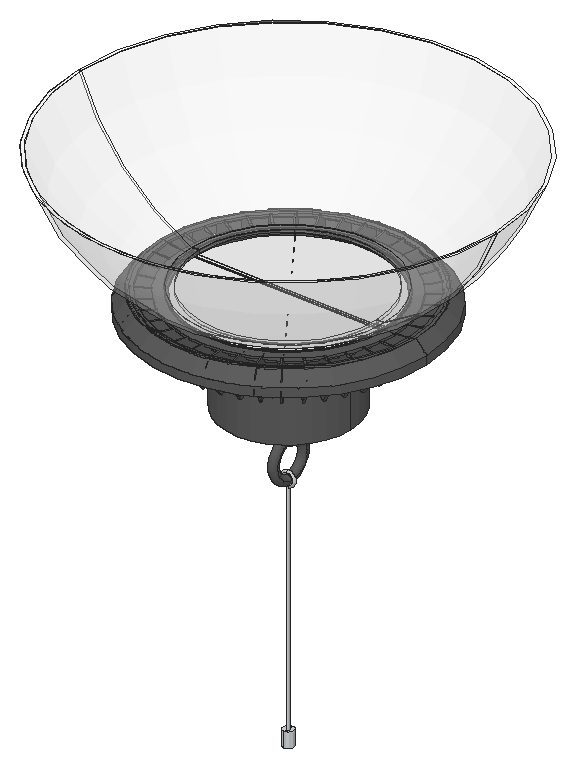
Revit family "0039350+0039358 Feilo Sylvania Lighting Fixture START HIGHBAY 6K 13KLM WIDE with PC LAMPSHADE TRANSPARENT 13_19KLM", category Lighting Fixtures, host Face, Revit 2017
Family settings
  Host = Face
  Round Connector Dimension = Use Diameter
  Part Type = Normal
  OmniClass Number = 23.80.70.00
  OmniClass Title = Lighting
  Cut with Voids When Loaded = No
  Light Source = Yes
  Shared = No
  Room Calculation Point = No
Parameters (values of type "0039350+0039358 START HIGHBAY 6K 13KLM WIDE PC LAMPSHADE TRANSPARENT 13/19KLM")
  WidthStraight_FEILO = if(SizeS_FEILO, 3 mm, if(SizeM_FEILO, 4 mm, 4.7 mm))  # 3 mm
  WidthRingChamfer_FEILO = if(SizeS_FEILO, 10.3 mm, if(SizeM_FEILO, 11.2 mm, 12.9 mm))  # 10.3 mm
  WidthCurved_FEILO = if(SizeS_FEILO, 17.4 mm, if(SizeM_FEILO, 16.4 mm, 26.2 mm))  # 17.4 mm
  WidthCurvedRing_FEILO = if(SizeS_FEILO, 3 mm, if(SizeM_FEILO, 4 mm, 4.7 mm))  # 3 mm
  WidthBracket_FEILO = 40 mm
  Weight = "3.0 kg"
  Wattage Comments = ""
  Wattage = 100 W
  WarrantyStartDate [instance] = "n/a"
  WarrantyGuarantorParts = "n/a"
  WarrantyDurationUnit = "n/a"
  WarrantyDurationParts = "n/a"
  WarrantyDescription = "n/a"
  built-in parameter 1150110 = 1 (stored number, unit not read)
  Voltage = 230 V
  VisibilityBracket_FEILO = no
  URL = "http://www.sylvania-lighting.com"
  TypeName = "START HIGHBAY 6K 13KLM WIDE PC LAMPSHADE TRANSPARENT 13/19KLM"
  Type Image = <None>
  Type Comments = "n/a"
  built-in parameter 1114217 = 1 (stored number, unit not read)
  Tilt Angle = -90.00°
  ThicknessWall_FEILO = 1.5 mm
  ThicknessBracket_FEILO = 1.5 mm
  ThicknessBracketHalf_FEILO = ThicknessBracket_FEILO / 2  # 0.75 mm
  built-in parameter 1150109 = 1 (stored number, unit not read)
  built-in parameter 1150134 = 1
  SuspensionHeight_FEILO [instance] = 400 mm
  built-in parameter 1150113 = 1 (stored number, unit not read)
  SizeS_FEILO = yes
  SizeM_FEILO = no
  ShadeThickness_FEILO = 3 mm
  ShadeSizeSM_FEILO = or(SizeS_FEILO, SizeM_FEILO)  # yes
  ShadeRadiusOut_FEILO = 205 mm
  ShadeRadiusIn_FEILO = if(ShadeSizeSM_FEILO, 95 mm, 121 mm)  # 95 mm
  ShadeRadiusBend_FEILO = if(ShadeSizeSM_FEILO, 210 mm, 210 mm)  # 210 mm
  ShadeHeight_FEILO = if(ShadeSizeSM_FEILO, 120 mm, 151 mm)  # 120 mm
  SerialNumber [instance] = "n/a"
  Rib4_FEILO = if(SizeS_FEILO, 18.1 mm, if(SizeM_FEILO, 13.6 mm, 14.6 mm))  # 18.1 mm
  Rib3_FEILO = if(SizeS_FEILO, 15.3 mm, if(SizeM_FEILO, 17.6 mm, 20.2 mm))  # 15.3 mm
  Rib2_FEILO = if(SizeS_FEILO, 3.6 mm, if(SizeM_FEILO, 3.9 mm, 4.5 mm))  # 3.6 mm
  Rib1_FEILO = if(SizeS_FEILO, 15.1 mm, if(SizeM_FEILO, 16.5 mm, 19 mm))  # 15.1 mm
  RadiusDiffuser_FEILO = if(SizeS_FEILO, 95.2 mm, if(SizeM_FEILO, 105.3 mm, 120 mm))  # 95.2 mm
  RadiusArrayPost_FEILO = DriverRadius_FEILO - 6 mm  # 55.4 mm
  RHRadius3_FEILO = if(SizeS_FEILO, 6.6 mm, if(SizeM_FEILO, 7.4 mm, 8.6 mm))  # 6.6 mm
  RHRadius2_FEILO = if(SizeS_FEILO, 11 mm, if(SizeM_FEILO, 12 mm, 14 mm))  # 11 mm
  RHRadius1_FEILO = if(SizeS_FEILO, 13.6 mm, if(SizeM_FEILO, 14.9 mm, 17.7 mm))  # 13.6 mm
  RHHeight4_FEILO = if(SizeS_FEILO, 7.3 mm, if(SizeM_FEILO, 8 mm, 9.2 mm))  # 7.3 mm
  RHHeight3_FEILO = if(SizeS_FEILO, 3.6 mm, if(SizeM_FEILO, 3.7 mm, 4.6 mm))  # 3.6 mm
  RHHeight2_FEILO = if(SizeS_FEILO, 2 mm, if(SizeM_FEILO, 2.2 mm, 2.6 mm))  # 2 mm
  RHHeight1_FEILO = if(SizeS_FEILO, 11.8 mm, if(SizeM_FEILO, 15.3 mm, 17.4 mm))  # 11.8 mm
  Photometric Web File = "0039350+0039358.ies"
  Material_5_FEILO = Shade-Sylvania-StartHighbay-PC
  Material_3_FEILO = LED-Sylvania-StartHighbay-Glow
  PowerFactor = 0.95
  PowerConsumption = "100 W"
  NominalLength = 270 mm
  NominalHeight = 170 mm
  NominalDepth = 270 mm
  Name = "START HIGHBAY 6K 13KLM WIDE PC LAMPSHADE TRANSPARENT 13/19KLM"
  ModelReference = Name  # "START HIGHBAY 6K 13KLM WIDE PC LAMPSHADE TRANSPARENT 13/19KLM"
  ModelNumber = "0039350+0039358"
  Model = Name  # "START HIGHBAY 6K 13KLM WIDE PC LAMPSHADE TRANSPARENT 13/19KLM"
  Material = "aluminium alloy housing, polycarbonate diffuser"
  ManufacturerName = "Feilo Sylvania"
  Manufacturer = "Feilo Sylvania"
  LuminousEfficacy = "130 lm/W"
  built-in parameter 1150105 = 7236.1 (stored number, unit not read)
  Lumens = 13000 lm
  LuminaireType = ""
  built-in parameter 1150115 = 1 (stored number, unit not read)
  LightOutputRatio = "n/a"
  built-in parameter 1150137 = (empty or 0)
  built-in parameter 1150139 = (empty or 0)
  LampsType = Lamp  # "LED"
  LampNominalLuminous = "13000 lm"
  LampMacAdamStep = "n/a"
  LampColourTemperature = "6500 K"
  LampColourRenderingIndex = "80"
  built-in parameter 1150112 = 1 (stored number, unit not read)
  built-in parameter 1150114 = 1 (stored number, unit not read)
  Lamp = "LED"
  Keynote = "16500"
  InstallationDate [instance] = "n/a"
  InputVoltage = "220-240V~"
  InputNominalFrequency = "50/60 Hz"
  built-in parameter 1150132 = (empty or 0)
  built-in parameter 1150102 = (empty or 0)
  built-in parameter 1150107 = 6500 (stored number, unit not read)
  built-in parameter 1150138 = (empty or 0)
  IngressProtection = "IP65"
  ImpactProtectionIndex = "IK08"
  built-in parameter 1150106 = 72.361 (stored number, unit not read)
  IfcExportType = "IfcLightFixtureType"
  IfcExportAs = "IfcLightFixtureType"
  HeightRing_FEILO = if(SizeS_FEILO, 19.8 mm, if(SizeM_FEILO, 32 mm, 36.8 mm))  # 19.8 mm
  HeightRingChamfer_FEILO = if(SizeS_FEILO, 11.7 mm, if(SizeM_FEILO, 23.2 mm, 26.6 mm))  # 11.7 mm
  EyeThickness_FEILO = if(SizeS_FEILO, 8.4 mm, if(SizeM_FEILO, 9.2 mm, 10.5 mm))  # 8.4 mm
  EyeThicknessHalf_FEILO = EyeThickness_FEILO / 2  # 4.2 mm
  EyeInner_FEILO = if(SizeS_FEILO, 13.8 mm, if(SizeM_FEILO, 15.1 mm, 17.3 mm))  # 13.8 mm
  ExpectedLife = 50000
  Emit from Circle Diameter = RadiusDiffuser_FEILO * 2  # 190.4 mm
  Emit Shape Visible in Rendering = no
  ElectricShockClassification = "Class I"
  built-in parameter 1150104 = 12.077 (stored number, unit not read)
  DurationUnit = "hours"
  DriverVerticalStraight_FEILO = if(SizeS_FEILO, 46.5 mm, if(SizeM_FEILO, 49.7 mm, 57 mm))  # 46.5 mm
  DriverVerticalChamfer_FEILO = if(SizeS_FEILO, 7.5 mm, if(SizeM_FEILO, 8.2 mm, 9.5 mm))  # 7.5 mm
  DriverRadius_FEILO = if(SizeS_FEILO, 61.4 mm, if(SizeM_FEILO, 67.2 mm, 76.4 mm))  # 61.4 mm
  DriverRadiusTop_FEILO = if(SizeS_FEILO, 42 mm, if(SizeM_FEILO, 45.3 mm, 52.4 mm))  # 42 mm
  DriverBottom_FEILO = if(SizeS_FEILO, 56 mm, if(SizeM_FEILO, 64.5 mm, 74 mm))  # 56 mm
  DocumentationLiterature = "http://www.sylvania-lighting.com/product/en-int/products/0039350"
  DimmingControlOptions = "n/a"
  Material_2_FEILO = Diffuser-Sylvania-StartHighbay-Transparent
  Radius_FEILO = if(SizeS_FEILO, 135 mm, if(SizeM_FEILO, 148 mm, 169.5 mm))  # 135 mm
  Dimming Lamp Color Temperature Shift = <None>
  DiameterWire_FEILO = 3 mm
  DiameterWireSupport_FEILO = 10 mm
  Description = "START HIGHBAY, includes 1 m cables, black aluminium housing, 13000LM, 100W, 130lm/W, 6500K, Driver current: 2140mA, CR80, 60° beam angle, 1-10V dimmable,  IP65, IK08, 50,000 hrs (L70B50), (LxWxH) 270x270x170mm"
  Default Elevation = 1219.2 mm
  CreatedOn = "2/28/2018"
  CreatedBy = ""
  Cost = 0
  Color Filter = 16777215
  built-in parameter 1114216 [instance] = (empty or 0)
  ClassificationValue = "EF_70_80"
  ClassificationName = "Uniclass2015"
  Material_1_FEILO = Body-Sylvania-StartHighbay-Black
  BarCode [instance] = "n/a"
  built-in parameter 1114218 = 1 (stored number, unit not read)
  built-in parameter 1150133 = 10 (stored number, unit not read)
  AssetType = "Fixed"
  AssetIdentifier [instance] = "n/a"
  Assembly Code = "D5020200"
  Apparent Load = 100 VA
  Material_4_FEILO = Shade-Sylvania-StartHighbay-PC
Reference planes
  plane 1 "Center (Front/Back)": y = 0
  plane 2: z = 0
  plane 3 "Center (Left/Right)": x = 0
  plane 4: z = 400
  plane 5: x = -135
  plane 6: x = -124.7
  plane 7: z = 388.3
  plane 8: z = 380.2
  plane 9: x = -121.7
  plane 10: z = 397.375
  plane 11: x = -104.3
  plane 12: x = -95.2
  plane 13: x = -118.7
  plane 14: z = 398.375
  plane 15: z = 396.375
  plane 16: x = -92.2
  plane 17: z = 395.375
  plane 18: x = -133.5
  plane 19: x = -119.9
  plane 20: z = 376.6
  plane 21: x = -104.6
  plane 22: z = 358.5
  plane 23: x = -20
  plane 24: z = 344
  plane 25: x = -61.4
  plane 26: z = 297.5
  plane 27: x = -42
  plane 28: z = 290
  plane 29: x = -13.6
  plane 30: z = 278.2
  plane 31: z = 276.2
  plane 32: x = -11
  plane 33: z = 272.6
  plane 34: z = 265.3
  plane 35: x = -6.6
  plane 36: z = 251.5
  plane 37: z = 237.7
  plane 38: x = 4.2
  plane 39: x = -4.2
  plane 40: z = 229.3
  plane 41: z = 233.5
  plane 42: x = -129.1
  plane 43: x = -132.5
  plane 44: z = 378.7
  plane 45: x = -123.2
  plane 46: z = 320.75
  plane 47: y = -20
  plane 48: y = 20
  plane 49: x = 135
  plane 50: x = 124.7
  plane 51: x = 133.5
  plane 52: x = 129.1
  plane 53: x = 132.5
  plane 54: x = 123.2
  plane 55: z = 240.7
  plane 56: y = 1.5
  plane 57: y = -1.5
  plane 58: z = 239.2
  plane 59: z = 227.8
  plane 60: z = 226.3
  plane 61: y = -5
  plane 62: y = 5
  plane 63: z = 14
  plane 64: x = -205
  plane 65: z = 520
  plane 66: x = -95
  plane 67: x = -87
  plane 68: x = -202
  plane 69: z = 403
Forms (mm)
  Revolve 1, solid, material "Body-Sylvania-StartHighbay-Black" <- "Material_1_FEILO", detail levels medium+fine
    sketch origin (0, 0, 0) x (1, 0, 0) y (0, 0, 1)
      loop
        line (-135, 380.2) -> (-133.5, 380.2) -> (-133.5, 387.734) -> (-125.012, 397.375) -> (-118.7, 397.375) -> (-118.7, 399.16)
        arc (-118.7, 399.16) -> (-120.206, 399.56) -> (-121.7, 400) r 58.981
        line (-121.7, 400) -> (-124.241, 400)
        arc (-124.241, 400) -> (-124.657, 399.911) -> (-124.999, 399.66) r 1.015
        line (-124.999, 399.66) -> (-135, 388.3) -> (-135, 380.2)
      axis (0, 400) -> (0, 380.2)
    angle from 360 to 0
  Revolve 2, solid, material "Body-Sylvania-StartHighbay-Black" <- "Material_1_FEILO", detail levels medium+fine
    sketch origin (0, 0, 0) x (1, 0, 0) y (0, 0, 1)
      loop
        line (-104.3, 395.375) -> (-95.2, 395.375) -> (-95.2, 388.3) -> (0, 388.3) -> (0, 395.375) -> (-92.2, 395.375) -> (-92.2, 396.375) -> (-95.2, 396.375) -> (-95.2, 397.375) -> (-104.3, 397.375) -> (-104.3, 395.375)
      axis (0, 397.375) -> (0, 388.3)
    angle from 360 to 0
  Revolve 3, solid, material "Diffuser-Sylvania-StartHighbay-Transparent" <- "Material_2_FEILO", detail levels medium+fine
    sketch origin (0, 0, 0) x (1, 0, 0) y (0, 0, 1)
      loop
        line (-95.2, 396.375) -> (0, 396.375) -> (0, 398.375) -> (-95.2, 398.375) -> (-95.2, 396.375)
      axis (0, 398.375) -> (0, 396.375)
    angle from 360 to 0
  Revolve 4, solid, material "Body-Sylvania-StartHighbay-Black" <- "Material_1_FEILO"
    sketch origin (0, 0, 0) x (1, 0, 0) y (0, 0, 1)
      loop
        line (-61.4, 358.5) -> (-61.4, 297.5) -> (-42, 290) -> (-13.6, 290) -> (-13.6, 278.2) -> (-11, 276.2) -> (-11, 272.6) -> (-7.037, 266.026)
        arc (-7.037, 266.026) -> (-6.49, 265.494) -> (-5.753, 265.3) r 1.5
        line (-5.753, 265.3) -> (0, 265.3) -> (0, 358.5) -> (-61.4, 358.5)
      axis (0, 358.5) -> (0, 265.3)
    angle from 360 to 0
  Revolve 5, solid, material "Body-Sylvania-StartHighbay-Black" <- "Material_1_FEILO"
    sketch origin (0, 0, 0) x (1, 0, 0) y (0, 0, 1)
      loop
        circle (0, 233.5) r 4.2
      axis (4.2, 251.5) -> (-4.2, 251.5)
    angle from 360 to 0
  Extrusion 6, solid, material "Body-Sylvania-StartHighbay-Black" <- "Material_1_FEILO", visible <- "VisibilityBracket_FEILO"
    sketch origin (0, 0, 0) x (1, 0, 0) y (0, 0, 1)
      loop
        line (-132.5, 380.2) -> (-132.5, 378.7) -> (-125.45, 378.7)
        arc (-125.45, 378.7) -> (-124.92, 378.48) -> (-124.7, 377.95) r 0.75
        line (-124.7, 377.95) -> (-124.7, 320.75) -> (-123.2, 320.75) -> (-123.2, 378.7)
        arc (-123.2, 378.7) -> (-123.639, 379.761) -> (-124.7, 380.2) r 1.5
        line (-124.7, 380.2) -> (-132.5, 380.2)
      loop
        line (132.5, 380.2) -> (124.7, 380.2)
        arc (124.7, 380.2) -> (123.639, 379.761) -> (123.2, 378.7) r 1.5
        line (123.2, 378.7) -> (123.2, 320.75) -> (124.7, 320.75) -> (124.7, 377.95)
        arc (124.7, 377.95) -> (124.92, 378.48) -> (125.45, 378.7) r 0.75
        line (125.45, 378.7) -> (132.5, 378.7) -> (132.5, 380.2)
    from -20 to 20
  Extrusion 7, void
    sketch origin (0, 0, 0) x (0, 1, 0) y (0, 0, 1)
      loop
        arc (-10, 320.75) -> (-17.071, 323.679) -> (-20, 330.75) r 10
        line (-20, 330.75) -> (-25, 330.75) -> (-25, 315.75) -> (-10, 315.75) -> (-10, 320.75)
      loop
        line (10, 320.75) -> (10, 315.75) -> (25, 315.75) -> (25, 330.75) -> (20, 330.75)
        arc (20, 330.75) -> (17.071, 323.679) -> (10, 320.75) r 10
    from -124.7 to 124.7
  Revolve 8, solid, material "Body-Sylvania-StartHighbay-Black" <- "Material_1_FEILO", detail levels coarse
    sketch origin (0, 0, 0) x (1, 0, 0) y (0, 0, 1)
      loop
        line (0, 400) -> (-124.7, 400) -> (-135, 388.3) -> (-135, 380.2) -> (-119.9, 380.2) -> (-119.9, 376.6) -> (-104.6, 358.5) -> (0, 358.5) -> (0, 400)
      axis (0, 400) -> (0, 358.5)
    angle from 360 to 0
  Revolve 9, solid
    sketch origin (0, 0, 0) x (0, 1, 0) y (0, 0, 1)
      loop
        circle (0, 239.2) r 1.5
      axis (1.5, 233.5) -> (-1.5, 233.5)
    angle from 360 to 0
  Revolve 10, solid
    sketch origin (0, 0, 0) x (0, 1, 0) y (0, 0, 1)
      loop
        line (0, 0) -> (0, 227.8) -> (-1.5, 227.8) -> (-1.5, 14) -> (-5, 14) -> (-5, 0) -> (0, 0)
      axis (0, 0) -> (0, 227.8)
    angle from 360 to 0
  Revolve 11, solid, material "Shade-Sylvania-StartHighbay-PC" <- "Material_4_FEILO"
    sketch origin (0, 0, 0) x (1, 0, 0) y (0, 0, 1)
      loop
        line (-95, 400) -> (-87, 400) -> (-87, 403) -> (-94.341, 403)
        arc (-94.341, 403) -> (-159.747, 450.78) -> (-201.81, 520) r 207
        line (-201.81, 520) -> (-205, 520)
        arc (-205, 520) -> (-162.101, 448.908) -> (-95, 400) r 210
      axis (0, 520) -> (0, 400)
    angle from 360 to 0
Cuts and joins
  Extrusion 7 cuts Extrusion 6
Lines and regions (mm)
  reference lines
    curve 1: line (-135, 0, 388.3) -> (-124.7, 0, 400)
    curve 2: line (-104.3, 0, 397.375) -> (0, 0, 397.375)
    curve 3: arc (-104.3, 0, 397.375) -> (-113.098, 0, 398.035) -> (-121.7, 0, 400) r 58.981
    curve 4: line (-124.7, 0, 400) -> (-121.7, 0, 400)
    curve 5: line (-125.012, 0, 397.375) -> (-133.5, 0, 387.734)
    curve 6: line (-119.9, 0, 376.6) -> (-104.6, 0, 358.5)
    curve 7: line (-11, 0, 272.6) -> (-6.6, 0, 265.3)
    curve 8: circle (0, 0, 233.5) r 4.2 normal (0, -1, 0)
    curve 9: arc (-95, 0, 400) -> (-162.101, 0, 448.908) -> (-205, 0, 520) r 210
Dimensions and locks
  "Radius_FEILO": plane 3 "Center (Left/Right)" to plane 5
  "WidthRingChamfer_FEILO": plane 6 to plane 5
  "WidthStraight_FEILO": plane 9 to plane 6
  "WidthCurvedRing_FEILO": plane 13 to plane 9
  locked: plane 10 to plane 15 at 1
  locked: plane 14 to plane 10 at 1
  locked: plane 4 to plane 10 at 2.625
  locked: plane 15 to plane 17 at 1
  "ThicknessWall_FEILO": plane 18 to plane 5
  "ThicknessWall_FEILO": curve 5 to curve 1
  "HeightRingChamfer_FEILO": plane 4 to plane 7
  "HeightRing_FEILO": plane 4 to plane 8
  "RadiusDiffuser_FEILO": plane 3 "Center (Left/Right)" to plane 12
  locked: plane 16 to plane 12 at 3
  "WidthCurved_FEILO": plane 11 to plane 9
  "SuspensionHeight_FEILO": plane 4 to plane 2
  "Rib1_FEILO": plane 19 to plane 5
  "Rib2_FEILO": plane 8 to plane 20
  "Rib3_FEILO": plane 21 to plane 19
  "Rib4_FEILO": plane 20 to plane 22
  locked: plane 3 "Center (Left/Right)" to plane 23 at 20
  "DriverBottom_FEILO": plane 4 to plane 24
  "DriverRadius_FEILO": plane 3 "Center (Left/Right)" to plane 25
  "DriverVerticalStraight_FEILO": plane 24 to plane 26
  "DriverRadiusTop_FEILO": plane 3 "Center (Left/Right)" to plane 27
  "DriverVerticalChamfer_FEILO": plane 26 to plane 28
  "RHRadius1_FEILO": plane 3 "Center (Left/Right)" to plane 29
  "RHHeight2_FEILO": plane 30 to plane 31
  "RHRadius2_FEILO": plane 3 "Center (Left/Right)" to plane 32
  "RHHeight3_FEILO": plane 31 to plane 33
  "RHHeight4_FEILO": plane 33 to plane 34
  "RHRadius3_FEILO": plane 3 "Center (Left/Right)" to plane 35
  "RHHeight1_FEILO": plane 28 to plane 30
  "EyeInner_FEILO": plane 34 to plane 36
  "EyeInner_FEILO": plane 36 to plane 37
  equal spacing: plane 38, plane 3 "Center (Left/Right)", plane 39
  "EyeThickness_FEILO": plane 38 to plane 39
  "EyeThickness_FEILO": plane 37 to plane 40
  equal spacing: plane 37, plane 41, plane 40
  equal spacing: plane 6, plane 42, plane 18
  "ThicknessBracket_FEILO": plane 45 to plane 6
  "ThicknessBracket_FEILO": plane 8 to plane 44
  locked: plane 43 to plane 18 at 1
  equal spacing: plane 24, plane 46, plane 26
  equal spacing: plane 47, plane 1 "Center (Front/Back)", plane 48
  "WidthBracket_FEILO": plane 47 to plane 48
  "WidthRingChamfer_FEILO": plane 50 to plane 49
  "ThicknessWall_FEILO": plane 51 to plane 49
  equal spacing: plane 50, plane 52, plane 51
  "ThicknessBracket_FEILO": plane 54 to plane 50
  locked: plane 53 to plane 51 at 1
  "Radius_FEILO": plane 49 to plane 3 "Center (Left/Right)"
  equal spacing: plane 57, imposter light, plane 56
  "DiameterWire_FEILO": plane 57 to plane 56
  "DiameterWire_FEILO": plane 37 to plane 55
  equal spacing: plane 37, plane 58, plane 55
  "DiameterWire_FEILO": plane 60 to plane 40
  equal spacing: plane 60, plane 59, plane 40
  equal spacing: plane 61, plane 1 "Center (Front/Back)", plane 62
  "DiameterWireSupport_FEILO": plane 61 to plane 62
  locked: plane 63 to plane 2 at 14
  "ShadeRadiusOut_FEILO": plane 3 "Center (Left/Right)" to plane 64
  "ShadeHeight_FEILO": plane 65 to plane 4
  "ShadeRadiusIn_FEILO": plane 3 "Center (Left/Right)" to plane 66
  locked: plane 67 to plane 66 at 8
  "ShadeThickness_FEILO": plane 69 to plane 4
  "ShadeThickness_FEILO": plane 68 to plane 64
  "EyeThicknessHalf_FEILO": radius of curve 8
  "ThicknessBracket_FEILO": radius of Extrusion 6 sketch curve  (x2)
  "ThicknessBracketHalf_FEILO": radius of Extrusion 6 sketch curve  (x2)
  "DiameterWire_FEILO": diameter of Revolve 9 sketch curve
  "ShadeRadiusBend_FEILO": radius of curve 9
  aligned and locked: plane 2 to host face
  aligned and locked: level to host face
  aligned and locked: plane 5 to curve 1
  aligned and locked: plane 6 to curve 1
  aligned and locked: plane 7 to curve 1
  aligned and locked: plane 10 to curve 2
  aligned and locked: plane 9 to curve 3
  aligned and locked: plane 4 to curve 3
  aligned and locked: plane 11 to curve 3
  aligned and locked: plane 4 to curve 4
  aligned and locked: plane 18 to curve 5
  aligned and locked: plane 10 to curve 5
  aligned and locked: Revolve 1 sketch curve to plane 3 "Center (Left/Right)"
  aligned and locked: Revolve 1 sketch curve to curve 3
  aligned and locked: Revolve 1 sketch curve to curve 1
  aligned and locked: plane 4 to Revolve 1 sketch curve
  aligned and locked: plane 9 to Revolve 1 sketch curve
  aligned and locked: Revolve 1 sketch curve to plane 13
  aligned and locked: Revolve 1 sketch curve to plane 10
  aligned and locked: plane 13 to Revolve 1 sketch curve
  aligned and locked: plane 10 to Revolve 1 sketch curve
  aligned and locked: Revolve 1 sketch curve to plane 18
  aligned and locked: Revolve 1 sketch curve to plane 8
  aligned and locked: plane 5 to Revolve 1 sketch curve  (x2)
  aligned and locked: Revolve 2 sketch curve to plane 3 "Center (Left/Right)"
  aligned and locked: plane 11 to Revolve 2 sketch curve
  aligned and locked: Revolve 2 sketch curve to curve 2
  aligned and locked: plane 15 to Revolve 2 sketch curve
  aligned and locked: Revolve 2 sketch curve to plane 16
  aligned and locked: plane 17 to Revolve 2 sketch curve  (x2)
  aligned and locked: Revolve 2 sketch curve to plane 12
  aligned and locked: plane 7 to Revolve 2 sketch curve
  aligned and locked: Revolve 3 sketch curve to plane 3 "Center (Left/Right)"
  aligned and locked: Revolve 3 sketch curve to plane 14
  aligned and locked: plane 3 "Center (Left/Right)" to Revolve 3 sketch curve
  aligned and locked: Revolve 3 sketch curve to plane 12
  aligned and locked: plane 15 to Revolve 3 sketch curve
  aligned and locked: Revolve 1 sketch curve to curve 5
  aligned and locked: plane 22 to curve 6
  aligned and locked: plane 21 to curve 6
  aligned and locked: plane 20 to curve 6
  aligned and locked: plane 19 to curve 6
  aligned and locked: plane 33 to curve 7
  aligned and locked: plane 32 to curve 7
  aligned and locked: plane 35 to curve 7
  aligned and locked: plane 34 to curve 7
  aligned and locked: Revolve 4 sketch curve to plane 3 "Center (Left/Right)"
  aligned and locked: Revolve 4 sketch curve to plane 25
  aligned and locked: plane 27 to Revolve 4 sketch curve
  aligned and locked: plane 28 to Revolve 4 sketch curve
  aligned and locked: plane 30 to Revolve 4 sketch curve
  aligned and locked: Revolve 4 sketch curve to plane 29
  aligned and locked: plane 31 to Revolve 4 sketch curve
  aligned and locked: Revolve 4 sketch curve to curve 7
  aligned and locked: Revolve 4 sketch curve to plane 32
  aligned and locked: plane 34 to Revolve 4 sketch curve
  aligned and locked: plane 3 "Center (Left/Right)" to Revolve 4 sketch curve
  aligned and locked: plane 3 "Center (Left/Right)" to curve 8
  aligned and locked: plane 41 to curve 8
  aligned and locked: Revolve 5 sketch curve to plane 36
  aligned and locked: Revolve 5 sketch curve to curve 8
  aligned and locked: plane 43 to Extrusion 6 sketch curve  (x2)
  aligned and locked: plane 8 to Extrusion 6 sketch curve  (x3)
  aligned and locked: Extrusion 6 sketch curve to plane 45
  aligned and locked: Extrusion 6 sketch curve to plane 46  (x2)
  aligned and locked: plane 6 to Extrusion 6 sketch curve
  aligned and locked: Extrusion 6 sketch curve to plane 44  (x2)
  aligned and locked: Extrusion 6 to plane 48
  aligned and locked: plane 47 to Extrusion 6
  aligned and locked: plane 53 to Extrusion 6 sketch curve
  aligned and locked: plane 50 to Extrusion 6 sketch curve
  aligned and locked: Extrusion 6 sketch curve to plane 54
  aligned and locked: Extrusion 7 sketch curve to Extrusion 7 sketch curve
  aligned and locked: Extrusion 7 to plane 6
  aligned and locked: Extrusion 7 to Extrusion 6
  aligned and locked: Revolve 4 sketch curve to plane 22
  aligned and locked: plane 23 to nested 1
  aligned and locked: plane 1 "Center (Front/Back)" to nested 1
  aligned and locked: Revolve 8 sketch curve to plane 3 "Center (Left/Right)"
  aligned and locked: Revolve 8 sketch curve to plane 4
  aligned and locked: plane 6 to Revolve 8 sketch curve
  aligned and locked: plane 4 to Revolve 8 sketch curve
  aligned and locked: plane 7 to Revolve 8 sketch curve
  aligned and locked: Revolve 8 sketch curve to plane 5
  aligned and locked: plane 8 to Revolve 8 sketch curve  (x2)
  aligned and locked: Revolve 8 sketch curve to plane 19
  aligned and locked: plane 20 to Revolve 8 sketch curve
  aligned and locked: plane 19 to Revolve 8 sketch curve
  aligned and locked: plane 21 to Revolve 8 sketch curve
  aligned and locked: plane 22 to Revolve 8 sketch curve  (x2)
  aligned and locked: Revolve 8 sketch curve to Revolve 8 sketch curve
  aligned and locked: imposter light to plane 4
  aligned and locked: plane 3 "Center (Left/Right)" to imposter light
  aligned and locked: imposter light to plane 1 "Center (Front/Back)"
  aligned and locked: Revolve 9 sketch curve to plane 41
  aligned and locked: Revolve 10 sketch curve to plane 1 "Center (Front/Back)"
  aligned and locked: plane 1 "Center (Front/Back)" to Revolve 10 sketch curve  (x2)
  aligned and locked: host face to Revolve 10 sketch curve
  aligned and locked: plane 63 to Revolve 10 sketch curve
  aligned and locked: Revolve 10 sketch curve to plane 61
  aligned and locked: Revolve 10 sketch curve to plane 57
  aligned and locked: plane 59 to Revolve 10 sketch curve
  aligned and locked: plane 64 to curve 9
  aligned and locked: plane 65 to curve 9
  aligned and locked: plane 66 to curve 9
  aligned and locked: plane 4 to curve 9
  aligned and locked: Revolve 11 sketch curve to curve 9
  aligned and locked: plane 67 to Revolve 11 sketch curve
  aligned and locked: plane 66 to Revolve 11 sketch curve
  aligned and locked: plane 65 to Revolve 11 sketch curve  (x2)
  aligned and locked: Revolve 11 sketch curve to plane 67
  aligned and locked: plane 69 to Revolve 11 sketch curve
Automatic sketch dimensions
  host sketch curve to host sketch curve = 2438.4 mm  (x2)
  Revolve 1 sketch curve to plane 6 = 0.299 mm
  plane 6 to Revolve 1 sketch curve = 0.459 mm
  Revolve 1 sketch curve to level = 609.6 mm
  Revolve 1 sketch curve to Revolve 1 sketch curve = 2312.223 mm
  Revolve 2 sketch curve to plane 12 = 0 mm
  Revolve 2 sketch curve to plane 3 "Center (Left/Right)" = 0 mm
  Revolve 2 sketch curve to level = 609.6 mm
  Revolve 2 sketch curve to plane 4 = 2339.058 mm
  Revolve 3 sketch curve to level = 609.6 mm
  Revolve 3 sketch curve to plane 4 = 2339.058 mm
  Revolve 5 sketch curve to plane 5 = 1080 mm
  plane 38 to Revolve 5 sketch curve = 1219.2 mm
  Extrusion 7 sketch curve to plane 47 = 0 mm
  plane 46 to Extrusion 7 sketch curve = 0 mm  (x2)
  Extrusion 7 sketch curve to plane 48 = 0 mm
  plane 47 to Extrusion 7 sketch curve = 5 mm
  plane 1 "Center (Front/Back)" to Extrusion 7 sketch curve = 10 mm
  Extrusion 7 sketch curve to Extrusion 7 sketch curve = 10 mm
  plane 46 to Extrusion 7 sketch curve = 5 mm
  Extrusion 7 sketch curve to Extrusion 7 sketch curve = 5 mm
  Extrusion 7 sketch curve to plane 48 = 5 mm
  Revolve 4 sketch curve to plane 26 = 0 mm
  Revolve 4 sketch curve to plane 35 = 0.437 mm
  plane 35 to Revolve 4 sketch curve = 0.847 mm
  Revolve 4 sketch curve to plane 34 = 0.726 mm
  plane 40 to Revolve 4 sketch curve = 590.2 mm
  Revolve 4 sketch curve to plane 4 = 2339.058 mm
  Revolve 8 sketch curve to level = 609.6 mm
  Revolve 8 sketch curve to Revolve 8 sketch curve = 2386.058 mm
  Revolve 9 sketch curve to plane 1 "Center (Front/Back)" = 0 mm
  plane 58 to Revolve 9 sketch curve = 0 mm
  plane 47 to Revolve 9 sketch curve = 2534.941 mm
  Revolve 9 sketch curve to plane 48 = 2077.409 mm
  Revolve 10 sketch curve to Revolve 10 sketch curve = 609.6 mm
  Revolve 10 sketch curve to plane 4 = 2123.807 mm
  curve 2 to plane 3 "Center (Left/Right)" = 0 mm
  Revolve 11 sketch curve to Revolve 11 sketch curve = 0 mm  (x2)
  Revolve 11 sketch curve to plane 3 "Center (Left/Right)" = 0 mm
  plane 66 to Revolve 11 sketch curve = 0.659 mm
  Revolve 11 sketch curve to level = 609.6 mm
  Revolve 11 sketch curve to Revolve 11 sketch curve = 2068.248 mm
Nested families
  nested 1: "Start Highbay Rib" at (0, 0, 397.375), type "Type Name", detail levels medium+fine
    with SuspensionHeight_FEILO 2.6 mm
  nested 2: "Start Highbay Rib" at (0, 0, 397.375) x (0.9877, 0.1564, 0) z (0, 0, 1), type "Type Name", detail levels medium+fine
    with SuspensionHeight_FEILO 2.6 mm
  nested 3: "Start Highbay Rib" at (0, 0, 397.375) x (0.9511, 0.309, 0) z (0, 0, 1), type "Type Name", detail levels medium+fine
    with SuspensionHeight_FEILO 2.6 mm
  nested 4: "Start Highbay Rib" at (0, 0, 397.375) x (0.891, 0.454, 0) z (0, 0, 1), type "Type Name", detail levels medium+fine
    with SuspensionHeight_FEILO 2.6 mm
  nested 5: "Start Highbay Rib" at (0, 0, 397.375) x (0.809, 0.5878, 0) z (0, 0, 1), type "Type Name", detail levels medium+fine
    with SuspensionHeight_FEILO 2.6 mm
  nested 6: "Start Highbay Rib" at (0, 0, 397.375) x (0.7071, 0.7071, 0) z (0, 0, 1), type "Type Name", detail levels medium+fine
    with SuspensionHeight_FEILO 2.6 mm
  nested 7: "Start Highbay Rib" at (0, 0, 397.375) x (0.5878, 0.809, 0) z (0, 0, 1), type "Type Name", detail levels medium+fine
    with SuspensionHeight_FEILO 2.6 mm
  nested 8: "Start Highbay Rib" at (0, 0, 397.375) x (0.454, 0.891, 0) z (0, 0, 1), type "Type Name", detail levels medium+fine
    with SuspensionHeight_FEILO 2.6 mm
  nested 9: "Start Highbay Rib" at (0, 0, 397.375) x (0.309, 0.9511, 0) z (0, 0, 1), type "Type Name", detail levels medium+fine
    with SuspensionHeight_FEILO 2.6 mm
  nested 10: "Start Highbay Rib" at (0, 0, 397.375) x (0.1564, 0.9877, 0) z (0, 0, 1), type "Type Name", detail levels medium+fine
    with SuspensionHeight_FEILO 2.6 mm
  nested 11: "Start Highbay Rib" at (0, 0, 397.375) x (0, 1, 0) z (0, 0, 1), type "Type Name", detail levels medium+fine
    with SuspensionHeight_FEILO 2.6 mm
  nested 12: "Start Highbay Rib" at (0, 0, 397.375) x (-0.1564, 0.9877, 0) z (0, 0, 1), type "Type Name", detail levels medium+fine
    with SuspensionHeight_FEILO 2.6 mm
  nested 13: "Start Highbay Rib" at (0, 0, 397.375) x (-0.309, 0.9511, 0) z (0, 0, 1), type "Type Name", detail levels medium+fine
    with SuspensionHeight_FEILO 2.6 mm
  nested 14: "Start Highbay Rib" at (0, 0, 397.375) x (-0.454, 0.891, 0) z (0, 0, 1), type "Type Name", detail levels medium+fine
    with SuspensionHeight_FEILO 2.6 mm
  nested 15: "Start Highbay Rib" at (0, 0, 397.375) x (-0.5878, 0.809, 0) z (0, 0, 1), type "Type Name", detail levels medium+fine
    with SuspensionHeight_FEILO 2.6 mm
  nested 16: "Start Highbay Rib" at (0, 0, 397.375) x (-0.7071, 0.7071, 0) z (0, 0, 1), type "Type Name", detail levels medium+fine
    with SuspensionHeight_FEILO 2.6 mm
  nested 17: "Start Highbay Rib" at (0, 0, 397.375) x (-0.809, 0.5878, 0) z (0, 0, 1), type "Type Name", detail levels medium+fine
    with SuspensionHeight_FEILO 2.6 mm
  nested 18: "Start Highbay Rib" at (0, 0, 397.375) x (-0.891, 0.454, 0) z (0, 0, 1), type "Type Name", detail levels medium+fine
    with SuspensionHeight_FEILO 2.6 mm
  nested 19: "Start Highbay Rib" at (0, 0, 397.375) x (-0.9511, 0.309, 0) z (0, 0, 1), type "Type Name", detail levels medium+fine
    with SuspensionHeight_FEILO 2.6 mm
  nested 20: "Start Highbay Rib" at (0, 0, 397.375) x (-0.9877, 0.1564, 0) z (0, 0, 1), type "Type Name", detail levels medium+fine
    with SuspensionHeight_FEILO 2.6 mm
  nested 21: "Start Highbay Rib" at (0, 0, 397.375) x (-1, 0, 0) z (0, 0, 1), type "Type Name", detail levels medium+fine
    with SuspensionHeight_FEILO 2.6 mm
  nested 22: "Start Highbay Rib" at (0, 0, 397.375) x (-0.9877, -0.1564, 0) z (0, 0, 1), type "Type Name", detail levels medium+fine
    with SuspensionHeight_FEILO 2.6 mm
  nested 23: "Start Highbay Rib" at (0, 0, 397.375) x (-0.9511, -0.309, 0) z (0, 0, 1), type "Type Name", detail levels medium+fine
    with SuspensionHeight_FEILO 2.6 mm
  nested 24: "Start Highbay Rib" at (0, 0, 397.375) x (-0.891, -0.454, 0) z (0, 0, 1), type "Type Name", detail levels medium+fine
    with SuspensionHeight_FEILO 2.6 mm
  nested 25: "Start Highbay Rib" at (0, 0, 397.375) x (-0.809, -0.5878, 0) z (0, 0, 1), type "Type Name", detail levels medium+fine
    with SuspensionHeight_FEILO 2.6 mm
  nested 26: "Start Highbay Rib" at (0, 0, 397.375) x (-0.7071, -0.7071, 0) z (0, 0, 1), type "Type Name", detail levels medium+fine
    with SuspensionHeight_FEILO 2.6 mm
  nested 27: "Start Highbay Rib" at (0, 0, 397.375) x (-0.5878, -0.809, 0) z (0, 0, 1), type "Type Name", detail levels medium+fine
    with SuspensionHeight_FEILO 2.6 mm
  nested 28: "Start Highbay Rib" at (0, 0, 397.375) x (-0.454, -0.891, 0) z (0, 0, 1), type "Type Name", detail levels medium+fine
    with SuspensionHeight_FEILO 2.6 mm
  nested 29: "Start Highbay Rib" at (0, 0, 397.375) x (-0.309, -0.9511, 0) z (0, 0, 1), type "Type Name", detail levels medium+fine
    with SuspensionHeight_FEILO 2.6 mm
  nested 30: "Start Highbay Rib" at (0, 0, 397.375) x (-0.1564, -0.9877, 0) z (0, 0, 1), type "Type Name", detail levels medium+fine
    with SuspensionHeight_FEILO 2.6 mm
  nested 31: "Start Highbay Rib" at (0, 0, 397.375) x (0, -1, 0) z (0, 0, 1), type "Type Name", detail levels medium+fine
    with SuspensionHeight_FEILO 2.6 mm
  nested 32: "Start Highbay Rib" at (0, 0, 397.375) x (0.1564, -0.9877, 0) z (0, 0, 1), type "Type Name", detail levels medium+fine
    with SuspensionHeight_FEILO 2.6 mm
  nested 33: "Start Highbay Rib" at (0, 0, 397.375) x (0.309, -0.9511, 0) z (0, 0, 1), type "Type Name", detail levels medium+fine
    with SuspensionHeight_FEILO 2.6 mm
  nested 34: "Start Highbay Rib" at (0, 0, 397.375) x (0.454, -0.891, 0) z (0, 0, 1), type "Type Name", detail levels medium+fine
    with SuspensionHeight_FEILO 2.6 mm
  nested 35: "Start Highbay Rib" at (0, 0, 397.375) x (0.5878, -0.809, 0) z (0, 0, 1), type "Type Name", detail levels medium+fine
    with SuspensionHeight_FEILO 2.6 mm
  nested 36: "Start Highbay Rib" at (0, 0, 397.375) x (0.7071, -0.7071, 0) z (0, 0, 1), type "Type Name", detail levels medium+fine
    with SuspensionHeight_FEILO 2.6 mm
  nested 37: "Start Highbay Rib" at (0, 0, 397.375) x (0.809, -0.5878, 0) z (0, 0, 1), type "Type Name", detail levels medium+fine
    with SuspensionHeight_FEILO 2.6 mm
  nested 38: "Start Highbay Rib" at (0, 0, 397.375) x (0.891, -0.454, 0) z (0, 0, 1), type "Type Name", detail levels medium+fine
    with SuspensionHeight_FEILO 2.6 mm
  nested 39: "Start Highbay Rib" at (0, 0, 397.375) x (0.9511, -0.309, 0) z (0, 0, 1), type "Type Name", detail levels medium+fine
    with SuspensionHeight_FEILO 2.6 mm
  nested 40: "Start Highbay Rib" at (0, 0, 397.375) x (0.9877, -0.1564, 0) z (0, 0, 1), type "Type Name", detail levels medium+fine
    with SuspensionHeight_FEILO 2.6 mm
Connectors
  electrical at (0, 0, 0), driven by "Apparent Load", driven by "PowerFactor", driven by "Voltage"
    settings: index 1, voltage 230 V, apparent load 100 VA, apparent load phase1 0 VA, apparent load phase2 0 VA, apparent load phase3 0 VA, power factor 0.95, load classification "Lighting", number of poles 1, system type 30, power factor state 1, is connector primary yes, connector utility no, sub classification motor no, connector description ""
Definition of nested family "Start Highbay Rib"
  Parameters (values of type "Type Name")
    WidthStraight_FEILO = if(SizeS_FEILO, 3 mm, if(SizeM_FEILO, 4 mm, 4.7 mm))  # 3 mm
    WidthRingChamfer_FEILO = if(SizeS_FEILO, 10.3 mm, if(SizeM_FEILO, 11.2 mm, 12.9 mm))  # 10.3 mm
    WidthCurved_FEILO = if(SizeS_FEILO, 17.4 mm, if(SizeM_FEILO, 16.4 mm, 26.2 mm))  # 17.4 mm
    WidthCurvedRing_FEILO = if(SizeS_FEILO, 3 mm, if(SizeM_FEILO, 4 mm, 4.7 mm))  # 3 mm
    WidthBracket_FEILO = 40 mm
    URL = "http://www.feilosylvania.com"
    Type Image = (empty or 0)
    Type Comments = "n/a"
    ThicknessWall_FEILO = 1.5 mm
    ThicknessBracket_FEILO = 1.5 mm
    ThicknessBracketHalf_FEILO = ThicknessBracket_FEILO / 2  # 0.75 mm
    SuspensionHeight_FEILO [instance] = 2.6 mm
    SizeS_FEILO = yes
    SizeM_FEILO = no
    Rib4_FEILO = if(SizeS_FEILO, 18.1 mm, if(SizeM_FEILO, 13.6 mm, 14.6 mm))  # 18.1 mm
    Rib3_FEILO = if(SizeS_FEILO, 15.3 mm, if(SizeM_FEILO, 17.6 mm, 20.2 mm))  # 15.3 mm
    Rib2_FEILO = if(SizeS_FEILO, 3.6 mm, if(SizeM_FEILO, 3.9 mm, 4.5 mm))  # 3.6 mm
    Rib1_FEILO = if(SizeS_FEILO, 15.1 mm, if(SizeM_FEILO, 16.5 mm, 19 mm))  # 15.1 mm
    RadiusRib_FEILO = 2 mm
    RadiusDiffuser_FEILO = if(SizeS_FEILO, 95.2 mm, if(SizeM_FEILO, 105.3 mm, 120 mm))  # 95.2 mm
    RHRadius3_FEILO = if(SizeS_FEILO, 6.6 mm, if(SizeM_FEILO, 7.4 mm, 8.6 mm))  # 6.6 mm
    RHRadius2_FEILO = if(SizeS_FEILO, 11 mm, if(SizeM_FEILO, 12 mm, 14 mm))  # 11 mm
    RHRadius1_FEILO = if(SizeS_FEILO, 13.6 mm, if(SizeM_FEILO, 14.9 mm, 17.7 mm))  # 13.6 mm
    RHHeight4_FEILO = if(SizeS_FEILO, 7.3 mm, if(SizeM_FEILO, 8 mm, 9.2 mm))  # 7.3 mm
    RHHeight3_FEILO = if(SizeS_FEILO, 3.6 mm, if(SizeM_FEILO, 3.7 mm, 4.6 mm))  # 3.6 mm
    RHHeight2_FEILO = if(SizeS_FEILO, 2 mm, if(SizeM_FEILO, 2.2 mm, 2.6 mm))  # 2 mm
    RHHeight1_FEILO = if(SizeS_FEILO, 11.8 mm, if(SizeM_FEILO, 15.3 mm, 17.4 mm))  # 11.8 mm
    Material_3_FEILO = none
    Model = ""
    Manufacturer = "Feilo Sylvania"
    Keynote = "16500"
    HeightRing_FEILO = if(SizeS_FEILO, 19.8 mm, if(SizeM_FEILO, 32 mm, 36.8 mm))  # 19.8 mm
    HeightRingChamfer_FEILO = if(SizeS_FEILO, 11.7 mm, if(SizeM_FEILO, 23.2 mm, 26.6 mm))  # 11.7 mm
    EyeThickness_FEILO = if(SizeS_FEILO, 8.4 mm, if(SizeM_FEILO, 9.2 mm, 10.5 mm))  # 8.4 mm
    EyeThicknessHalf_FEILO = EyeThickness_FEILO / 2  # 4.2 mm
    EyeInner_FEILO = if(SizeS_FEILO, 13.8 mm, if(SizeM_FEILO, 15.1 mm, 17.3 mm))  # 13.8 mm
    DriverVerticalStraight_FEILO = if(SizeS_FEILO, 46.5 mm, if(SizeM_FEILO, 49.7 mm, 57 mm))  # 46.5 mm
    DriverVerticalChamfer_FEILO = if(SizeS_FEILO, 7.5 mm, if(SizeM_FEILO, 8.2 mm, 9.5 mm))  # 7.5 mm
    DriverRadius_FEILO = if(SizeS_FEILO, 61.4 mm, if(SizeM_FEILO, 67.2 mm, 76.4 mm))  # 61.4 mm
    DriverRadiusTop_FEILO = if(SizeS_FEILO, 42 mm, if(SizeM_FEILO, 45.3 mm, 52.4 mm))  # 42 mm
    DriverBottom_FEILO = if(SizeS_FEILO, 56 mm, if(SizeM_FEILO, 64.5 mm, 74 mm))  # 56 mm
    Material_2_FEILO = none
    Radius_FEILO = if(SizeS_FEILO, 135 mm, if(SizeM_FEILO, 148 mm, 169.5 mm))  # 135 mm
    Description = ""
    Default Elevation = 1219.2 mm
    Cost = 0
    Material_1_FEILO = none
    Assembly Code = "D5020200"
    Material_4_FEILO = none
  Reference planes
    plane 1 "Center (Front/Back)": y = 0
    plane 2: z = 0
    plane 3 "Center (Left/Right)": x = 0
    plane 4: z = 2.6
    plane 5: x = -135
    plane 6: x = -124.7
    plane 7: z = -9.1
    plane 8: z = -17.2
    plane 9: x = -121.7
    plane 10: z = -0.025
    plane 11: x = -104.3
    plane 12: x = -95.2
    plane 13: x = -118.7
    plane 14: z = 0.975
    plane 15: z = -1.025
    plane 16: x = -92.2
    plane 17: z = -2.025
    plane 18: x = -133.5
    plane 19: x = -119.9
    plane 20: z = -20.8
    plane 21: x = -104.6
    plane 22: z = -38.9
    plane 23: x = -20
    plane 24: z = -53.4
    plane 25: x = -61.4
    plane 26: z = -99.9
    plane 27: x = -42
    plane 28: z = -107.4
    plane 29: x = -13.6
    plane 30: z = -119.2
    plane 31: z = -121.2
    plane 32: x = -11
    plane 33: z = -124.8
    plane 34: z = -132.1
    plane 35: x = -6.6
    plane 36: z = -145.9
    plane 37: z = -159.7
    plane 38: x = 4.2
    plane 39: x = -4.2
    plane 40: z = -168.1
    plane 41: z = -163.9
    plane 42: x = -129.1
    plane 43: x = -132.5
    plane 44: z = -18.7
    plane 45: x = -123.2
    plane 46: z = -76.65
    plane 47: y = -20
    plane 48: y = 20
    plane 49: x = 135
    plane 50: x = 124.7
    plane 51: x = 133.5
    plane 52: x = 129.1
    plane 53: x = 132.5
    plane 54: x = 123.2
    plane 55: y = 0.75
    plane 56: y = -0.75
  Forms (mm)
    Extrusion 1, solid
      sketch origin (4.2, 0, 0) x (1, 0, 0) y (0, 1, 0)
        loop
          line (-1219.2, 1219.2) -> (-1219.2, -1219.2) -> (1219.2, -1219.2) -> (1219.2, 1219.2) -> (-1219.2, 1219.2)
      from 0 to -68.017
    Extrusion 2, solid, material <- "Material_1_FEILO"
      sketch origin (0, 0, 0) x (1, 0, 0) y (0, 0, 1)
        loop
          arc (-104.3, -0.025) -> (-111.555, 0.423) -> (-118.7, 1.76) r 58.981
          line (-118.7, 1.76) -> (-118.7, -0.025) -> (-125.012, -0.025) -> (-133.5, -9.666) -> (-133.5, -17.2) -> (-119.9, -17.2) -> (-119.9, -20.068)
          arc (-119.9, -20.068) -> (-119.778, -20.755) -> (-119.427, -21.359) r 2
          line (-119.427, -21.359) -> (-104.966, -38.467)
          arc (-104.966, -38.467) -> (-104.381, -38.789) -> (-103.723, -38.9) r 2
          line (-103.723, -38.9) -> (-20, -38.9) -> (-20, -9.1) -> (-95.2, -9.1) -> (-95.2, -2.025) -> (-104.3, -2.025) -> (-104.3, -0.025)
      from -0.75 to 0.75
  Lines and regions (mm)
    reference lines
      curve 1: line (-135, 0, -9.1) -> (-124.7, 0, 2.6)
      curve 2: line (-104.3, 0, -0.025) -> (0, 0, -0.025)
      curve 3: arc (-104.3, 0, -0.025) -> (-113.098, 0, 0.635) -> (-121.7, 0, 2.6) r 58.981
      curve 4: line (-124.7, 0, 2.6) -> (-121.7, 0, 2.6)
      curve 5: line (-125.012, 0, -0.025) -> (-133.5, 0, -9.666)
      curve 6: line (-119.9, 0, -20.8) -> (-104.6, 0, -38.9)
  Dimensions and locks
    "Radius_FEILO": plane 3 "Center (Left/Right)" to plane 5
    "WidthRingChamfer_FEILO": plane 6 to plane 5
    "WidthStraight_FEILO": plane 9 to plane 6
    "WidthCurvedRing_FEILO": plane 13 to plane 9
    locked: plane 10 to plane 15 at 1
    locked: plane 14 to plane 10 at 1
    locked: plane 4 to plane 10 at 2.625
    locked: plane 15 to plane 17 at 1
    "ThicknessWall_FEILO": plane 18 to plane 5
    "ThicknessWall_FEILO": curve 5 to curve 1
    "HeightRingChamfer_FEILO": plane 4 to plane 7
    "HeightRing_FEILO": plane 4 to plane 8
    "RadiusDiffuser_FEILO": plane 3 "Center (Left/Right)" to plane 12
    locked: plane 16 to plane 12 at 3
    "WidthCurved_FEILO": plane 11 to plane 9
    "SuspensionHeight_FEILO": plane 4 to plane 2
    "Rib1_FEILO": plane 19 to plane 5
    "Rib2_FEILO": plane 8 to plane 20
    "Rib3_FEILO": plane 21 to plane 19
    "Rib4_FEILO": plane 20 to plane 22
    locked: plane 3 "Center (Left/Right)" to plane 23 at 20
    "DriverBottom_FEILO": plane 4 to plane 24
    "DriverRadius_FEILO": plane 3 "Center (Left/Right)" to plane 25
    "DriverVerticalStraight_FEILO": plane 24 to plane 26
    "DriverRadiusTop_FEILO": plane 3 "Center (Left/Right)" to plane 27
    "DriverVerticalChamfer_FEILO": plane 26 to plane 28
    "RHRadius1_FEILO": plane 3 "Center (Left/Right)" to plane 29
    "RHHeight2_FEILO": plane 30 to plane 31
    "RHRadius2_FEILO": plane 3 "Center (Left/Right)" to plane 32
    "RHHeight3_FEILO": plane 31 to plane 33
    "RHHeight4_FEILO": plane 33 to plane 34
    "RHRadius3_FEILO": plane 3 "Center (Left/Right)" to plane 35
    "RHHeight1_FEILO": plane 28 to plane 30
    "EyeInner_FEILO": plane 34 to plane 36
    "EyeInner_FEILO": plane 36 to plane 37
    equal spacing: plane 38, plane 3 "Center (Left/Right)", plane 39
    "EyeThickness_FEILO": plane 38 to plane 39
    "EyeThickness_FEILO": plane 37 to plane 40
    equal spacing: plane 37, plane 41, plane 40
    equal spacing: plane 6, plane 42, plane 18
    "ThicknessBracket_FEILO": plane 45 to plane 6
    "ThicknessBracket_FEILO": plane 8 to plane 44
    locked: plane 43 to plane 18 at 1
    equal spacing: plane 24, plane 46, plane 26
    equal spacing: plane 47, plane 1 "Center (Front/Back)", plane 48
    "WidthBracket_FEILO": plane 47 to plane 48
    "WidthRingChamfer_FEILO": plane 50 to plane 49
    "ThicknessWall_FEILO": plane 51 to plane 49
    equal spacing: plane 50, plane 52, plane 51
    "ThicknessBracket_FEILO": plane 54 to plane 50
    locked: plane 53 to plane 51 at 1
    "Radius_FEILO": plane 49 to plane 3 "Center (Left/Right)"
    equal spacing: plane 56, plane 1 "Center (Front/Back)", plane 55
    "ThicknessWall_FEILO": plane 56 to plane 55
    "RadiusRib_FEILO": radius of Extrusion 2 sketch curve  (x2)
    aligned and locked: plane 2 to Extrusion 1
    aligned and locked: level to Extrusion 1
    aligned and locked: plane 5 to curve 1
    aligned and locked: plane 6 to curve 1
    aligned and locked: plane 7 to curve 1
    aligned and locked: plane 10 to curve 2
    aligned and locked: plane 9 to curve 3
    aligned and locked: plane 4 to curve 3
    aligned and locked: plane 11 to curve 3
    aligned and locked: plane 4 to curve 4
    aligned and locked: plane 18 to curve 5
    aligned and locked: plane 10 to curve 5
    aligned and locked: plane 22 to curve 6
    aligned and locked: plane 21 to curve 6
    aligned and locked: plane 20 to curve 6
    aligned and locked: plane 19 to curve 6
    aligned and locked: Extrusion 2 sketch curve to plane 23
    aligned and locked: Extrusion 2 sketch curve to plane 22
    aligned and locked: Extrusion 2 sketch curve to curve 6
    aligned and locked: plane 19 to Extrusion 2 sketch curve
    aligned and locked: Extrusion 2 sketch curve to plane 8
    aligned and locked: Extrusion 2 sketch curve to curve 5
    aligned and locked: Extrusion 2 sketch curve to curve 3
    aligned and locked: Extrusion 2 to plane 55
    aligned and locked: plane 56 to Extrusion 2
    aligned and locked: curve 6 to Extrusion 2 sketch curve
  Automatic sketch dimensions
    Extrusion 1 sketch curve to Extrusion 1 sketch curve = 2438.4 mm  (x2)
    curve 2 to plane 3 "Center (Left/Right)" = 0 mm
    Extrusion 2 sketch curve to plane 18 = 0 mm
    Extrusion 2 sketch curve to plane 10 = 0 mm
    Extrusion 2 sketch curve to plane 13 = 0 mm
    Extrusion 2 sketch curve to plane 7 = 0 mm
    Extrusion 2 sketch curve to plane 12 = 0 mm
    Extrusion 2 sketch curve to plane 17 = 0 mm
    plane 19 to Extrusion 2 sketch curve = 0.473 mm
    Extrusion 2 sketch curve to plane 21 = 0.366 mm
